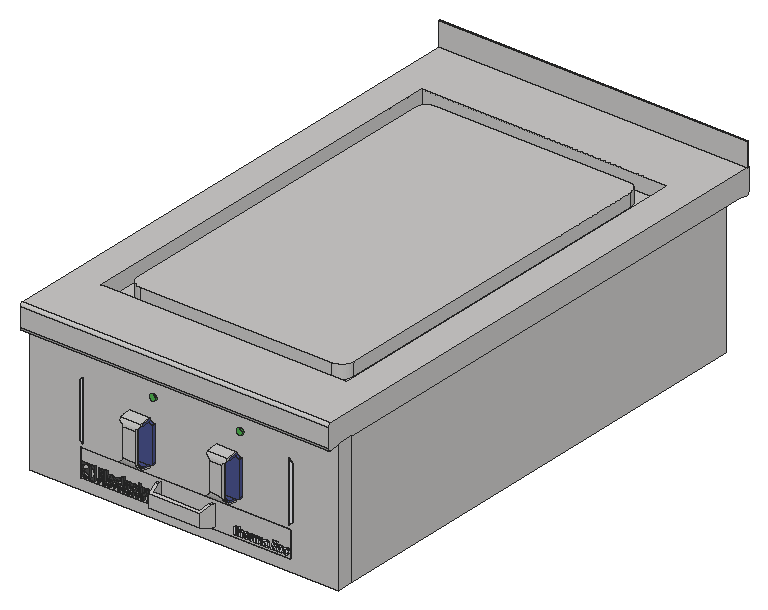
Revit family "QF_ELECTROLUXPROFESSIONAL_588501_MBLBBBEOAO", category Attrezzature speciali, Revit 2020
Family settings
  Quota connettore circolare = Usa diametro
  Tipo di parte = Normale
  Basato su piano di lavoro = No
  Sempre verticale = Sì
  Taglio con vuoti quando caricato = No
  Condiviso = No
  Punto di calcolo locali = No
Parameters (values of type "Standard")
  Weight = 73.00 kg
  Watts = 6000 W
  Volts = 400 V
  URL Manufacturer = "https://www.electroluxprofessional.com/"
  URL = "https://www.electroluxprofessional.com/"
  Steam Supply Size = 0"
  Steam Supply Minimum Pressure = 0.00 psi
  Steam Supply Maximum Pressure = 0.00 psi
  Steam Consumption per Hour = 0
  Refrigeration Suction Line Size = 0 mm
  Refrigeration Liquid Line Size = 0 mm
  Refrigerant Compressor Remote = yes
  Prospetto di default = 0 mm
  Phase = 3
  Modello = "MBLBBBEOAO"
  Produttore = "Electrolux Professional"
  Length Actual = 500 mm  # constant formula
  Item Number = "588501"
  Hot Water Size = 0"
  Height Actual = 250 mm  # constant formula
  HP = "8 HP"
  Gas Size = 0"
  Gas KW = 0
  Gas Input Pressure = 0.0 Btu/h
  Direct Waste Size = 0"
  Descrizione = "EL.SOLID TOP,2ZONE,ECO,1S,BS,500X850X250"
  Depth Actual = 850 mm  # constant formula
  Cycle = 50 Hz
  Condensate Return Size = 0"
  Compressed Air Volume = 0 GPM
  Compressed Air Size = 0"
  Compressed Air Pressure = 0.00 psi
  Cold Water Size = 0"
  Accessory = yes
Reference planes
  plane 1 "BACK": y = 0
  plane 2: z = 0
  plane 3 "LEFT": x = 0
  plane 4 "RIGHT": x = 500
  plane 5 "FRONT": y = -850
  plane 6 "TOP": z = 900
  plane 7 "Center (Left/Right)": x = 250
  plane 8: y = -425
  plane 9: y = -150
  plane 10: x = 50
  plane 11: x = 450
  plane 12: y = -100
  plane 13: y = -750
  plane 14 "EIx": x = 455
  plane 15 "EIy": y = -635
  plane 16: z = 938
  plane 17 "BaseTop": z = 650
  plane 18: y = -805
Forms (mm)
  Extrusion 1, solid, material "QF_Finishes_Stainless Steel"
    sketch origin (-178.969, -4572, 100) x (-1, 0, 0) y (0, -1, 0)
      loop
        line (-178.969, -4527) -> (-178.969, -3767) -> (-678.969, -3767) -> (-678.969, -4527) -> (-178.969, -4527)
    from 550 to 762.969
  Extrusion 2, solid, material "QF_Finishes_Stainless Steel"
    sketch origin (0, 0, 650) x (-1, 0, 0) y (0, -1, 0)
      loop
        circle (-455, 635) r 6.35
    from 0 to -11.851
  Extrusion 3, solid, material "QF_Finishes_Stainless Steel"
    sketch origin (250, 296.4, 1219.2) x (0, 1, 0) y (0, 0, 1)
      loop
        line (-296.4, -319.2) -> (-1141.4, -319.2)
        arc (-1141.4, -319.2) -> (-1144.935, -320.664) -> (-1146.4, -324.2) r 5
        line (-1146.4, -324.2) -> (-1146.4, -355.2)
        arc (-1146.4, -355.2) -> (-1144.971, -358.264) -> (-1141.705, -359.139) r 4
        line (-1141.705, -359.139) -> (-1126.4, -356.231) -> (-316.4, -356.231) -> (-301.094, -359.139)
        arc (-301.094, -359.139) -> (-297.829, -358.264) -> (-296.4, -355.2) r 4
        line (-296.4, -355.2) -> (-296.4, -319.2)
    from -250 to 250
  Extrusion 4, solid, material "QF_Finishes_Stainless Steel"
    sketch origin (0, 0, 900) x (-1, 0, 0) y (0, -1, 0)
      loop
        arc (-95, 125) -> (-80.858, 130.858) -> (-75, 145) r 20
        line (-75, 145) -> (-75, 705)
        arc (-75, 705) -> (-80.858, 719.142) -> (-95, 725) r 20
        line (-95, 725) -> (-405, 725)
        arc (-405, 725) -> (-419.142, 719.142) -> (-425, 705) r 20
        line (-425, 705) -> (-425, 145)
        arc (-425, 145) -> (-419.142, 130.858) -> (-405, 125) r 20
        line (-405, 125) -> (-95, 125)
    from 1 to -20
  Extrusion 5, void
    sketch origin (0, 0, 900) x (-1, 0, 0) y (0, -1, 0)
      loop
        line (-50, 750) -> (-450, 750) -> (-450, 100) -> (-50, 100) -> (-50, 750)
    from 0 to -25
  Extrusion 6, solid, material "QF_Finishes_Stainless Steel"
    sketch origin (250, 296.4, 1219.2) x (0, 1, 0) y (0, 0, 1)
      loop
        line (-296.4, -319.2) -> (-296.4, -281.2) -> (-298.4, -281.2) -> (-298.4, -319.2) -> (-296.4, -319.2)
    from 250 to -250
Cuts and joins
  Extrusion 5 cuts Extrusion 3
Lines and regions (mm)
  symbolic lines
    curve 1: line (0, 0, 100) -> (500, 0, 100)
    curve 2: line (0, -850, 100) -> (0, 0, 100)
    curve 3: line (500, -850, 100) -> (0, -850, 100)
    curve 4: line (500, 0, 100) -> (500, -850, 100)
    curve 5: line (50, -750, 0) -> (450, -750, 0)
    curve 6: line (450, -750, 0) -> (450, -100, 0)
    curve 7: line (450, -100, 0) -> (50, -100, 0)
    curve 8: line (50, -100, 0) -> (50, -750, 0)
    curve 9: line (0, -2, 0) -> (500, -2, 0)
Dimensions and locks
  plane 3 "LEFT" to plane 4 "RIGHT" = 500 mm
  locked: plane 5 "FRONT" to plane 1 "BACK" at 850
  equal spacing: plane 3 "LEFT", plane 7 "Center (Left/Right)", plane 4 "RIGHT"
  equal spacing: plane 5 "FRONT", plane 8, plane 1 "BACK"
  plane 6 "TOP" to level = 900 mm  (x2)
  plane 1 "BACK" to plane 9 = 150 mm
  plane 1 "BACK" to Extrusion 2 = 635 mm
  locked: plane 14 "EIx" to plane 4 "RIGHT" at 45
  locked: plane 15 "EIy" to plane 1 "BACK" at 635
  plane 16 to plane 6 "TOP" = 38 mm
  locked: plane 12 to plane 1 "BACK" at 100
  locked: plane 5 "FRONT" to plane 13 at 100
  plane 3 "LEFT" to plane 10 = 50 mm
  plane 11 to plane 4 "RIGHT" = 50 mm
  locked: plane 6 "TOP" to plane 17 "BaseTop" at 250
  locked: plane 18 to plane 5 "FRONT" at 45
  aligned and locked: level to plane 2
  aligned and locked: cut or joined group of Extrusion 3, Extrusion 5 to plane 3 "LEFT"
  aligned and locked: cut or joined group of Extrusion 3, Extrusion 5 to plane 4 "RIGHT"
  aligned and locked: Extrusion 5 sketch curve to plane 10
  aligned and locked: plane 12 to Extrusion 5 sketch curve
  aligned and locked: plane 11 to Extrusion 5 sketch curve
  aligned and locked: Extrusion 5 sketch curve to plane 13
  aligned and locked: nested 1 to plane 18
  aligned and locked: Extrusion 1 to plane 18
  aligned and locked: Extrusion 6 to plane 3 "LEFT"
  aligned and locked: Extrusion 6 to plane 4 "RIGHT"
  aligned and locked: plane 3 "LEFT" to nested 1
Automatic sketch dimensions
  Extrusion 3 sketch curve to plane 5 "FRONT" = 0 mm
  Extrusion 3 sketch curve to plane 6 "TOP" = 0 mm
  Extrusion 3 sketch curve to plane 1 "BACK" = 0 mm
  Extrusion 3 sketch curve to plane 5 "FRONT" = 4 mm
  Extrusion 3 sketch curve to Extrusion 3 sketch curve = 0.695 mm
  Extrusion 3 sketch curve to plane 5 "FRONT" = 5 mm
  Extrusion 3 sketch curve to Extrusion 3 sketch curve = 15.305 mm
  plane 1 "BACK" to Extrusion 3 sketch curve = 20 mm
  plane 1 "BACK" to Extrusion 3 sketch curve = 4.695 mm
  Extrusion 3 sketch curve to Extrusion 3 sketch curve = 4 mm
  Extrusion 3 sketch curve to Extrusion 3 sketch curve = 31 mm
  Extrusion 3 sketch curve to plane 6 "TOP" = 36 mm
  Extrusion 3 sketch curve to Extrusion 3 sketch curve = 2.909 mm
  Extrusion 1 sketch curve to plane 4 "RIGHT" = 0 mm
  Extrusion 1 sketch curve to plane 3 "LEFT" = 0 mm
  plane 1 "BACK" to Extrusion 1 sketch curve = 45 mm
  plane 1 "BACK" to curve 1 = 0 mm
  curve 1 to plane 4 "RIGHT" = 0 mm
  curve 2 to plane 3 "LEFT" = 0 mm
  plane 5 "FRONT" to curve 3 = 0 mm
  Extrusion 2 sketch curve to plane 14 "EIx" = 0 mm
  Extrusion 2 sketch curve to plane 15 "EIy" = 0 mm
  Extrusion 1 sketch curve to plane 5 "FRONT" = 45 mm
  Extrusion 6 sketch curve to plane 6 "TOP" = 0 mm
  Extrusion 6 sketch curve to plane 16 = 0 mm
  Extrusion 6 sketch curve to plane 1 "BACK" = 0 mm
  Extrusion 6 sketch curve to Extrusion 6 sketch curve = 2 mm
  curve 9 to plane 3 "LEFT" = 0 mm
  curve 5 to plane 10 = 0 mm
  curve 6 to plane 11 = 0 mm
  curve 9 to plane 4 "RIGHT" = 0 mm
  plane 13 to curve 5 = 0 mm
  plane 12 to curve 7 = 0 mm
  plane 1 "BACK" to curve 9 = 2 mm
  plane 11 to Extrusion 4 sketch curve = 25 mm
  Extrusion 4 sketch curve to Extrusion 4 sketch curve = 20 mm  (x3)
  plane 9 to Extrusion 4 sketch curve = 5 mm
  Extrusion 4 sketch curve to plane 10 = 45 mm
  Extrusion 4 sketch curve to plane 13 = 45 mm  (x2)
  radius of Extrusion 2 sketch curve = 6.35 mm
Nested families
  nested 1: "Front_Panel_W500_Two Knobs_Spie" at (52.376, -805, 0), type "Front_Panel_W500_Two Knobs_Spie"
Connectors
  electrical at (455, -635, 638.149)
    settings: on Extrusion 2, index 1, voltage 400 V, apparent load 33000 VA, apparent load phase1 0 VA, apparent load phase2 0 VA, apparent load phase3 0 VA, power factor 1, load classification "Other", number of poles 1, system type 30, power factor state 1, is connector primary yes, connector utility no, sub classification motor no, connector description "ELECTRICAL CONNECTION"
Definition of nested family "Front_Panel_W500_Two Knobs_Spie"
  Parameters
    Default Elevation = 0 mm
  Reference planes
    plane 1 "Center (Front/Back)": y = 0
    plane 2: z = 0
    plane 3 "Center (Left/Right)": x = 197.624
    plane 4 "Left": x = -52.376
    plane 5 "Right": x = 447.624
    plane 6: y = -45
    plane 7: x = 127.624
    plane 8: y = -310
    plane 9 "Panel": y = -25
  Forms (mm)
    Extrusion 1, solid
      sketch origin (833.217, 829.203, -1.25) x (0, 1, 0) y (0, 0, 1)
        loop
          line (-854.203, 651.25) -> (-829.203, 651.25) -> (-829.203, 864.25) -> (-854.203, 864.25) -> (-854.203, 651.25)
      from -885.593 to -385.593
    Extrusion 2, void
      sketch origin (0, -25, -10) x (0, 0, 1) y (-1, 0, 0)
        loop
          line (731.866, -27.624) -> (726.866, -32.624) -> (823.866, -32.624) -> (818.866, -27.624) -> (731.866, -27.624)
        loop
          line (731.866, -372.624) -> (818.866, -372.624) -> (823.866, -367.624) -> (726.866, -367.624) -> (731.866, -372.624)
      from 0 to -2
    Extrusion 3, void
      sketch origin (0, 0, 0) x (1, 0, 0) y (0, 0, 1)
        loop
          line (30.124, 711.866) -> (30.124, 666.866) -> (370.124, 666.866) -> (370.124, 711.866) -> (30.124, 711.866)
      from 19.387 to 25
    Extrusion 4, solid
      sketch origin (160, -25, 1.163) x (0, 0, 1) y (-1, 0, 0)
        loop
          circle (824.337, 12.376) r 5
      from 0 to 1.7
    Extrusion 5, solid
      sketch origin (300.724, -25, 1.163) x (0, 0, 1) y (-1, 0, 0)
        loop
          circle (824.337, 12.376) r 5
      from 0 to 1.7
    Extrusion 6, solid
      sketch origin (0, -25, -10) x (0, 0, 1) y (-1, 0, 0)
        loop
          line (731.866, -27.624) -> (726.866, -32.624) -> (823.866, -32.624) -> (818.866, -27.624) -> (731.866, -27.624)
        loop
          line (726.866, -367.624) -> (731.866, -372.624) -> (818.866, -372.624) -> (823.866, -367.624) -> (726.866, -367.624)
      from 0 to -2
    Extrusion 7, solid
      sketch origin (52.827, 0, -0.001) x (1, 0, 0) y (0, 0, 1)
        loop
          line (-21.376, 710.866) -> (-21.376, 667.866) -> (316.624, 667.866) -> (316.624, 710.866) -> (-21.376, 710.866)
      from 19.387 to 25
    Extrusion 8, solid
      sketch origin (52.827, 0, -0.001) x (1, 0, 0) y (0, 1, 0)
        loop
          line (106.059, -25) -> (100.966, -25) -> (105.646, -49.075) -> (189.603, -49.075) -> (194.283, -25) -> (189.189, -25) -> (185.481, -44.075) -> (109.767, -44.075) -> (106.059, -25)
      from 672.593 to 705.67
    Extrusion 9, void
      sketch origin (200.451, 0, -0.001) x (0, 1, 0) y (0, 0, 1)
        loop
          line (-30, 705.67) -> (-30, 710.67) -> (-56.744, 710.67) -> (-56.744, 667.593) -> (-30, 667.593) -> (-30, 672.593) -> (-53.776, 680.318) -> (-53.776, 697.945) -> (-30, 705.67)
      from -50 to 50
    Extrusion 10, solid, detail levels coarse
      sketch origin (52.827, -265, -0.001) x (1, 0, 0) y (0, 1, 0)
        loop
          line (106.164, -71.744) -> (189.084, -71.744) -> (194.283, -45) -> (316.624, -45) -> (316.624, 240) -> (-21.376, 240) -> (-21.376, -45) -> (100.966, -45) -> (106.164, -71.744)
      from 672.593 to 705.67
    Extrusion 11, void
      sketch origin (200.451, -280, -0.001) x (0, 1, 0) y (0, 0, 1)
        loop
          line (-30, 705.67) -> (-30, 710.67) -> (-56.744, 710.67) -> (-56.744, 667.593) -> (-30, 667.593) -> (-30, 672.593) -> (-53.776, 680.318) -> (-53.776, 697.945) -> (-30, 705.67)
      from -50 to 50
  Cuts and joins
    Extrusion 2, Extrusion 3 cuts Extrusion 1
    Extrusion 9 cuts Extrusion 8
    Extrusion 9, Extrusion 11 cuts Extrusion 10
  Lines and regions (mm)
    symbolic lines
      curve 1: line (31.124, -45, 0) -> (31.124, -310, 0)
      curve 2: line (31.124, -310, 0) -> (364.124, -310, 0)
      curve 3: line (135.966, -310, 0) -> (140.646, -334.075, 0)
      curve 4: line (140.646, -334.075, 0) -> (254.603, -334.075, 0)
      curve 5: line (254.603, -334.075, 0) -> (259.283, -310, 0)
      curve 6: line (364.124, -310, 0) -> (364.124, -45, 0)
      curve 7: line (31.124, -300, 0) -> (364.124, -300, 0)
      curve 8: line (140.874, -309.046, 0) -> (144.767, -329.075, 0)
      curve 9: line (144.767, -329.075, 0) -> (250.481, -329.075, 0)
      curve 10: line (250.481, -329.075, 0) -> (254.375, -309.046, 0)
  Dimensions and locks
    equal spacing: plane 5 "Right", plane 3 "Center (Left/Right)", plane 4 "Left"
    plane 5 "Right" to plane 4 "Left" = 500 mm
    plane 3 "Center (Left/Right)" to plane 7 = 70 mm
    plane 6 to plane 8 = 265 mm
    aligned and locked: cut or joined group of Extrusion 1, Extrusion 2, Extrusion 3 to plane 4 "Left"
    aligned and locked: plane 5 "Right" to cut or joined group of Extrusion 1, Extrusion 2, Extrusion 3
  Automatic sketch dimensions
    plane 6 to curve 1 = 0 mm
    curve 1 to plane 8 = 0 mm
    plane 6 to curve 6 = 0 mm
    plane 7 to curve 3 = 13.021 mm
    curve 3 to curve 8 = 4.122 mm
    curve 10 to plane 8 = 19.075 mm
    plane 3 "Center (Left/Right)" to curve 10 = 52.857 mm
    curve 5 to plane 8 = 24.075 mm
    curve 9 to curve 5 = 4.122 mm
    curve 4 to curve 2 = 109.521 mm
    plane 7 to curve 3 = 8.342 mm
    plane 8 to curve 8 = 0.954 mm
    curve 3 to curve 8 = 4.908 mm
    plane 8 to curve 10 = 0.954 mm
    curve 9 to curve 10 = 3.893 mm
    curve 10 to curve 5 = 4.908 mm
    plane 8 to curve 7 = 10 mm
    Extrusion 1 sketch curve to plane 9 "Panel" = 0 mm
    Extrusion 1 sketch curve to plane 1 "Center (Front/Back)" = 0 mm
    Extrusion 2 sketch curve to Extrusion 2 sketch curve = 5 mm  (x6)
    Extrusion 3 sketch curve to Extrusion 3 sketch curve = 45 mm
    plane 7 to Extrusion 4 sketch curve = 20 mm
    plane 3 "Center (Left/Right)" to Extrusion 5 sketch curve = 90.724 mm
    Extrusion 6 sketch curve to Extrusion 6 sketch curve = 5 mm  (x6)
    plane 4 "Left" to curve 2 = 83.5 mm
    plane 4 "Left" to Extrusion 3 sketch curve = 82.5 mm
    Extrusion 2 sketch curve to plane 5 "Right" = 80 mm
    Extrusion 3 sketch curve to plane 5 "Right" = 77.5 mm
    Extrusion 6 sketch curve to plane 5 "Right" = 80 mm
    plane 4 "Left" to Extrusion 2 sketch curve = 85 mm
    plane 4 "Left" to Extrusion 6 sketch curve = 85 mm
    level to Extrusion 1 sketch curve = 650 mm
    Extrusion 1 sketch curve to Extrusion 1 sketch curve = 213 mm
    level to Extrusion 2 sketch curve = 716.866 mm
    Extrusion 2 sketch curve to Extrusion 2 sketch curve = 0 mm
    Extrusion 2 sketch curve to Extrusion 2 sketch curve = 87 mm  (x2)
    level to Extrusion 3 sketch curve = 666.866 mm
    level to Extrusion 4 sketch curve = 825.5 mm
    level to Extrusion 5 sketch curve = 825.5 mm
    level to Extrusion 6 sketch curve = 716.866 mm
    Extrusion 6 sketch curve to Extrusion 6 sketch curve = 0 mm
    Extrusion 6 sketch curve to Extrusion 6 sketch curve = 87 mm  (x2)
    plane 4 "Left" to Extrusion 7 sketch curve = 83.827 mm
    Extrusion 7 sketch curve to plane 5 "Right" = 78.173 mm
    level to Extrusion 7 sketch curve = 667.864 mm
    Extrusion 7 sketch curve to Extrusion 7 sketch curve = 43 mm
    plane 9 "Panel" to Extrusion 8 sketch curve = 0 mm  (x2)
    plane 7 to Extrusion 8 sketch curve = 26.169 mm
    plane 6 to Extrusion 8 sketch curve = 4.075 mm
    Extrusion 8 sketch curve to Extrusion 8 sketch curve = 4.68 mm
    Extrusion 8 sketch curve to Extrusion 8 sketch curve = 5.094 mm  (x2)
    Extrusion 8 sketch curve to plane 6 = 0.925 mm
    Extrusion 8 sketch curve to Extrusion 8 sketch curve = 4.122 mm  (x2)
    plane 3 "Center (Left/Right)" to Extrusion 8 sketch curve = 40.684 mm
    Extrusion 8 sketch curve to Extrusion 8 sketch curve = 3.708 mm
    plane 6 to Extrusion 9 sketch curve = 11.744 mm
    plane 6 to Extrusion 9 sketch curve = 8.776 mm
    plane 9 "Panel" to Extrusion 9 sketch curve = 5 mm  (x2)
    level to Extrusion 9 sketch curve = 667.591 mm
    Extrusion 9 sketch curve to Extrusion 9 sketch curve = 5 mm
    Extrusion 9 sketch curve to Extrusion 9 sketch curve = 12.725 mm  (x2)
    Extrusion 9 sketch curve to Extrusion 9 sketch curve = 17.627 mm
    Extrusion 9 sketch curve to Extrusion 9 sketch curve = 7.725 mm
    plane 9 "Panel" to Extrusion 10 sketch curve = 0 mm
    Extrusion 10 sketch curve to plane 8 = 0 mm  (x2)
    plane 4 "Left" to Extrusion 10 sketch curve = 83.827 mm
    plane 7 to Extrusion 10 sketch curve = 26.169 mm
    Extrusion 10 sketch curve to Extrusion 10 sketch curve = 5.199 mm  (x2)
    plane 3 "Center (Left/Right)" to Extrusion 10 sketch curve = 44.287 mm
    Extrusion 10 sketch curve to plane 5 "Right" = 78.173 mm
    Extrusion 10 sketch curve to plane 8 = 26.744 mm
    Extrusion 11 sketch curve to plane 8 = 0 mm  (x2)
    Extrusion 11 sketch curve to plane 8 = 23.776 mm
    Extrusion 11 sketch curve to Extrusion 11 sketch curve = 2.968 mm
    level to Extrusion 11 sketch curve = 667.591 mm
    Extrusion 11 sketch curve to Extrusion 11 sketch curve = 5 mm
    Extrusion 11 sketch curve to Extrusion 11 sketch curve = 12.725 mm  (x2)
    Extrusion 11 sketch curve to Extrusion 11 sketch curve = 17.627 mm
    Extrusion 11 sketch curve to Extrusion 11 sketch curve = 7.725 mm
    radius of Extrusion 4 sketch curve = 5 mm
    radius of Extrusion 5 sketch curve = 5 mm
  Nested families
    nested 1: "Range Control Handle" at (127.624, -28.137, -209.113) x (-1, 0, 0) z (0, 0, 1), type "Range Control Handle"
    nested 2: "Range Control Handle" at (267.624, -28.137, -209.113), type "Range Control Handle"
    nested 3: "ELX_ThermaLine_Small" at (319.139, -25, 679.341) x (1, 0, 0) z (0, -1, 0), type "ELX_ThermaLine_Small"
      with Show Logo yes, Material_Logo none
    nested 4: "ELX_Professional_Logo_Small" at (91.781, -25, 681.573) x (1, 0, 0) z (0, -1, 0), type "ELX_Professional_Logo_Small"
      with Show Logo yes, Material_Logo none
  Definition of nested family "Range Control Handle"
    Parameters
      Default Elevation = 0 mm
    Reference planes
      plane 1 "Center (Front/Back)": y = 0
      plane 2: z = 0
      plane 3 "Center (Left/Right)": x = 0
      plane 4: z = 971.092
      plane 5: y = -16.9
    Forms (mm)
      Extrusion 1, solid
        sketch origin (-746.28, 380.497, 208.931) x (-1, 0, 0) y (0, 0, 1)
          loop
            line (-770.101, 786.798) -> (-770.101, 731.649)
            arc (-770.101, 731.649) -> (-769.759, 730.563) -> (-768.855, 729.87) r 1.893
            line (-768.855, 729.87) -> (-763.474, 727.911) -> (-729.81, 727.911) -> (-724.428, 729.87)
            arc (-724.428, 729.87) -> (-723.525, 730.563) -> (-723.183, 731.649) r 1.893
            line (-723.183, 731.649) -> (-723.183, 786.798)
            arc (-723.183, 786.798) -> (-723.529, 787.894) -> (-724.44, 788.593) r 1.91
            line (-724.44, 788.593) -> (-729.683, 790.819) -> (-763.601, 790.819) -> (-768.844, 788.593)
            arc (-768.844, 788.593) -> (-769.755, 787.894) -> (-770.101, 786.798) r 1.91
        from -382.35 to -378.852
      Sweep 2, solid
        path origin (-746.788, 380.496, 208.091) x (0, -1, 0) y (0, 0, 1)
          loop
            line (379.775, 793.281) -> (395.661, 791.048)
            arc (395.661, 791.048) -> (397.781, 787.377) -> (398.517, 783.202) r 12.207
            line (398.517, 783.202) -> (398.517, 737.368)
            arc (398.517, 737.368) -> (397.781, 733.193) -> (395.661, 729.522) r 12.207
            line (395.661, 729.522) -> (379.775, 727.289)
        profile origin (-746.788, -7.222, 1000.256) x (0, -0.139173, 0.990268) y (-1, 0, 0)
          loop
            line (0.782, -763.123) -> (0.782, -730.907) -> (-1.322, -730.907) -> (-1.322, -763.123) -> (0.782, -763.123)
      Sweep 3, solid
        path origin (-746.788, 380.715, 207.832) x (0, -1, 0) y (0, 0, 1)
          loop
            line (380.478, 795.442) -> (397.218, 793.09)
            arc (397.218, 793.09) -> (399.929, 788.473) -> (400.871, 783.202) r 15.207
            line (400.871, 783.202) -> (400.871, 737.584)
            arc (400.871, 737.584) -> (399.914, 732.274) -> (397.164, 727.633) r 15.207
            line (397.164, 727.633) -> (380.601, 725.305)
        profile origin (-746.788, -8.132, 1002.099) x (0, -0.139173, 0.990268) y (-1, 0, 0)
          loop
            line (0.782, -763.123) -> (0.782, -730.907) -> (-1.322, -730.907) -> (-1.322, -763.123) -> (0.782, -763.123)
      Extrusion 4, void
        sketch origin (889.253, 220.666, 207.993) x (1, 0, 0) y (0, 0, 1)
          loop
            line (-943.038, 816.854) -> (-943.038, 703.686) -> (-899.466, 734.196) -> (-899.466, 786.344) -> (-943.038, 816.854)
        from 230.636 to 242.25
      Extrusion 5, void
        sketch origin (-888.8, 220.666, 207.993) x (-1, 0, 0) y (0, 0, -1)
          loop
            line (-943.038, -816.854) -> (-899.466, -786.344) -> (-899.466, -734.196) -> (-943.038, -703.686) -> (-943.038, -816.854)
        from 230.636 to 242.25
      Extrusion 6, solid
        sketch origin (0, 0, 0) x (1, 0, 0) y (0, 0, 1)
          loop
            circle (0, 971.092) r 7.736
        from -3.137 to -1.645
    Cuts and joins
      Extrusion 4, Extrusion 5 cuts Sweep 3
      Extrusion 4, Extrusion 5 cuts Sweep 2
      joined: Extrusion 1, Extrusion 6
    Lines and regions (mm)
      symbolic lines
        curve 1: line (16.334, -16.9, 0) -> (16.334, -19.227, 0)
        curve 2: spline (16.334, -19.227, 0) -> (15.87, -19.385, 0) -> (15.404, -19.536, 0) -> (14.936, -19.678, 0) -> (14.466, -19.813, 0) -> (13.995, -19.94, 0) -> (13.523, -20.059, 0) -> (13.049, -20.171, 0) -> (12.575, -20.274, 0) -> (12.099, -20.37, 0) -> (11.622, -20.458, 0) -> (11.144, -20.537, 0) -> (10.666, -20.609, 0)
        curve 3: line (10.666, -16.9, 0) -> (10.666, -20.938, 0)
        curve 4: line (-10.213, -20.938, 0) -> (10.666, -20.938, 0)
        curve 5: line (-10.213, -20.938, 0) -> (-10.213, -16.9, 0)
        curve 6: spline (-10.213, -20.609, 0) -> (-10.691, -20.537, 0) -> (-11.169, -20.458, 0) -> (-11.646, -20.37, 0) -> (-12.122, -20.274, 0) -> (-12.597, -20.171, 0) -> (-13.07, -20.059, 0) -> (-13.542, -19.94, 0) -> (-14.013, -19.813, 0) -> (-14.483, -19.678, 0) -> (-14.951, -19.536, 0) -> (-15.417, -19.385, 0) -> (-15.881, -19.227, 0)
        curve 7: line (-15.881, -19.227, 0) -> (-15.881, -16.9, 0)
  Definition of nested family "ELX_ThermaLine_Small"
    Parameters
      Show Logo [instance] = yes
      Material_Logo [instance] = none
      Default Elevation = 0 mm
    Reference planes
      plane 1 "Centro (Fronte/Retro)": y = 0
      plane 2: z = 0
      plane 3 "Centro (Sinistra/Destra)": x = 0
    Forms (mm)
      Extrusion 1, solid
        sketch origin (0, 0, 0) x (1, 0, 0) y (0, 1, 0)
          loop
            line (-1219.2, 1219.2) -> (-1219.2, -1219.2) -> (1219.2, -1219.2) -> (1219.2, 1219.2) -> (-1219.2, 1219.2)
        from 0 to -304.8
      Extrusion 2, solid
        sketch origin (0, 0, 0) x (1, 0, 0) y (0, 1, 0)
          loop
            line (-37.494, 1.229) -> (-35.908, 1.229) -> (-35.908, 3.066) -> (-37.494, 3.066) -> (-37.494, 6.221) -> (-39.867, 4.881) -> (-39.867, 3.066) -> (-40.969, 3.066) -> (-40.969, 1.229) -> (-39.867, 1.229) -> (-39.867, -3.407)
            arc (-39.867, -3.407) -> (-38.982, -5.513) -> (-36.751, -6.001) r 2.478
            line (-36.751, -6.001) -> (-35.638, -5.7) -> (-35.9, -3.835) -> (-36.661, -4.039)
            arc (-36.661, -4.039) -> (-37.236, -3.924) -> (-37.494, -3.399) r 0.662
            line (-37.494, -3.399) -> (-37.494, 1.229)
          loop
            line (-34.242, 6.539) -> (-34.242, -5.848) -> (-31.854, -5.848) -> (-31.854, -0.078)
            arc (-31.854, -0.078) -> (-30.939, 1.249) -> (-29.33, 1.367) r 1.866
            arc (-29.33, 1.367) -> (-28.695, 0.768) -> (-28.461, -0.073) r 1.627
            line (-28.461, -0.073) -> (-28.461, -5.848) -> (-26.086, -5.848) -> (-26.064, -0.46)
            arc (-26.064, -0.46) -> (-26.261, 0.932) -> (-26.786, 2.237) r 5.825
            arc (-26.786, 2.237) -> (-29.381, 3.264) -> (-31.854, 1.971) r 3.353
            line (-31.854, 1.971) -> (-31.854, 6.539) -> (-34.242, 6.539)
          loop
            arc (-18.398, -0.598) -> (-18.893, 0.879) -> (-20.326, 1.487) r 1.897
            arc (-20.326, 1.487) -> (-21.461, 0.708) -> (-21.897, -0.598) r 2.164
            line (-21.897, -0.598) -> (-18.398, -0.598)
          loop
            arc (-16.021, -2.044) -> (-16.754, 1.227) -> (-19.444, 3.226) r 4.814
            arc (-19.444, 3.226) -> (-22.137, 2.788) -> (-23.943, 0.743) r 4.054
            arc (-23.943, 0.743) -> (-24.382, -1.249) -> (-24.162, -3.276) r 6.289
            arc (-24.162, -3.276) -> (-23.302, -4.71) -> (-21.958, -5.705) r 4.28
            arc (-21.958, -5.705) -> (-18.558, -5.814) -> (-16.152, -3.409) r 4.28
            line (-16.152, -3.409) -> (-18.5, -2.995)
            arc (-18.5, -2.995) -> (-19.273, -3.994) -> (-20.533, -4.076) r 1.536
            arc (-20.533, -4.076) -> (-21.56, -3.281) -> (-21.958, -2.044) r 2.197
            line (-21.958, -2.044) -> (-16.021, -2.044)
          loop
            line (-14.165, -5.848) -> (-11.819, -5.848) -> (-11.819, -2.138)
            arc (-11.819, -2.138) -> (-11.787, -1.156) -> (-11.637, -0.185) r 8.18
            arc (-11.637, -0.185) -> (-10.644, 0.972) -> (-9.132, 0.776) r 1.603
            line (-9.132, 0.776) -> (-8.419, 2.846)
            arc (-8.419, 2.846) -> (-10.432, 3.118) -> (-11.994, 1.821) r 2.527
            line (-11.994, 1.821) -> (-11.994, 3.094) -> (-14.165, 3.094) -> (-14.165, -5.848)
          loop
            line (-7.579, 3.094) -> (-7.579, -5.848) -> (-5.178, -5.848) -> (-5.178, -0.756)
            arc (-5.178, -0.756) -> (-4.727, 0.679) -> (-3.417, 1.419) r 2.05
            arc (-3.417, 1.419) -> (-2.499, 0.908) -> (-2.155, -0.085) r 1.471
            line (-2.155, -0.085) -> (-2.155, -5.848) -> (0.23, -5.848) -> (0.23, -1.001)
            arc (0.23, -1.001) -> (0.47, 0.127) -> (1.148, 1.061) r 2.775
            arc (1.148, 1.061) -> (2.225, 1.329) -> (3.05, 0.587) r 1.182
            arc (3.05, 0.587) -> (3.199, -0.019) -> (3.214, -0.642) r 2.894
            line (3.214, -0.642) -> (3.214, -5.848) -> (5.601, -5.848) -> (5.601, 0.261)
            arc (5.601, 0.261) -> (4.87, 2.263) -> (2.976, 3.241) r 2.932
            arc (2.976, 3.241) -> (1.284, 2.973) -> (-0.047, 1.896) r 3.309
            arc (-0.047, 1.896) -> (-1.116, 2.865) -> (-2.506, 3.258) r 3.16
            arc (-2.506, 3.258) -> (-4.105, 2.942) -> (-5.376, 1.92) r 3.419
            line (-5.376, 1.92) -> (-5.376, 3.094) -> (-7.579, 3.094)
          loop
            line (7.583, 0.738) -> (9.702, 0.364)
            arc (9.702, 0.364) -> (11.441, 1.492) -> (12.855, -0.023) r 1.613
            line (12.855, -0.023) -> (9.782, -0.789)
            arc (9.782, -0.789) -> (8.559, -1.346) -> (7.617, -2.305) r 3.687
            arc (7.617, -2.305) -> (7.499, -3.681) -> (7.901, -5.003) r 3.651
            arc (7.901, -5.003) -> (9.107, -5.766) -> (10.515, -6.006) r 3.635
            arc (10.515, -6.006) -> (11.898, -5.697) -> (13.067, -4.895) r 3.734
            line (13.067, -4.895) -> (13.376, -5.848) -> (15.75, -5.848) -> (15.212, -4.193) -> (15.212, 0.38)
            arc (15.212, 0.38) -> (14.897, 1.849) -> (13.818, 2.895) r 2.585
            arc (13.818, 2.895) -> (11.792, 3.442) -> (9.719, 3.11) r 5.005
            arc (9.719, 3.11) -> (8.369, 2.178) -> (7.583, 0.738) r 3.54
          loop
            line (19.723, -5.848) -> (22.233, -5.848) -> (24.854, 6.484) -> (22.345, 6.484) -> (19.723, -5.848)
          loop
            line (24.583, -5.848) -> (26.953, -5.848) -> (28.848, 3.066) -> (26.478, 3.066) -> (24.583, -5.848)
          loop
            line (27.204, 6.484) -> (26.741, 4.305) -> (29.111, 4.305) -> (29.575, 6.484) -> (27.204, 6.484)
          loop
            line (29.355, -5.848) -> (31.849, -5.848) -> (33.098, 0.028)
            arc (33.098, 0.028) -> (34.169, 1.306) -> (35.832, 1.422) r 2.132
            arc (35.832, 1.422) -> (36.324, 0.752) -> (36.383, -0.078) r 1.5
            line (36.383, -0.078) -> (35.157, -5.848) -> (37.536, -5.848) -> (38.936, 0.738)
            arc (38.936, 0.738) -> (38.775, 2.091) -> (37.825, 3.066) r 2.118
            arc (37.825, 3.066) -> (35.392, 3.175) -> (33.295, 1.937) r 4.271
            line (33.295, 1.937) -> (33.535, 3.066) -> (31.25, 3.066) -> (29.355, -5.848)
          loop
            line (42.792, -0.64) -> (46.589, -0.64)
            arc (46.589, -0.64) -> (46.639, 0.124) -> (46.327, 0.823) r 1.589
            arc (46.327, 0.823) -> (45.117, 1.521) -> (43.762, 1.183) r 1.865
            arc (43.762, 1.183) -> (43.141, 0.344) -> (42.792, -0.64) r 3.538
          loop
            line (42.565, -2.138) -> (48.593, -2.138)
            arc (48.593, -2.138) -> (48.58, 0.597) -> (46.983, 2.818) r 4.494
            arc (46.983, 2.818) -> (44.191, 3.28) -> (41.725, 1.891) r 4.26
            arc (41.725, 1.891) -> (40.503, -0.3) -> (40.284, -2.799) r 6.003
            arc (40.284, -2.799) -> (40.959, -4.468) -> (42.377, -5.576) r 3.482
            arc (42.377, -5.576) -> (44.265, -5.961) -> (46.152, -5.576) r 4.823
            arc (46.152, -5.576) -> (47.432, -4.731) -> (48.328, -3.485) r 4.245
            line (48.328, -3.485) -> (46.168, -3.105)
            arc (46.168, -3.105) -> (45.214, -4.072) -> (43.859, -4.181) r 1.953
            arc (43.859, -4.181) -> (42.821, -3.408) -> (42.565, -2.138) r 1.81
          loop
            line (12.868, -1.553) -> (10.216, -2.214)
            arc (10.216, -2.214) -> (9.747, -3.136) -> (10.216, -4.058) r 1.14
            arc (10.216, -4.058) -> (11.537, -4.249) -> (12.614, -3.46) r 1.763
            arc (12.614, -3.46) -> (12.858, -2.522) -> (12.868, -1.553) r 3.97
        from 0 to 1.6
    Dimensions and locks
      aligned and locked: plane 2 to Extrusion 1
      aligned and locked: level to Extrusion 1
  Definition of nested family "ELX_Professional_Logo_Small"
    Parameters
      Show Logo [instance] = yes
      Material_Logo [instance] = none
      Default Elevation = 0 mm
    Reference planes
      plane 1 "Centro (Fronte/Retro)": y = 0
      plane 2: z = 0
      plane 3 "Centro (Sinistra/Destra)": x = 0
    Forms (mm)
      Extrusion 1, solid
        sketch origin (0, 0, 0) x (1, 0, 0) y (0, 1, 0)
          loop
            line (-1219.2, 1219.2) -> (-1219.2, -1219.2) -> (1219.2, -1219.2) -> (1219.2, 1219.2) -> (-1219.2, 1219.2)
        from 0 to -304.8
      Extrusion 2, solid, material <- "Material_Logo"
        sketch origin (15.5, 0, 0) x (1, 0, 0) y (0, 1, 0)
          loop
            spline (-42.99, -1.24) -> (-43.195, -1.231) -> (-43.415, -1.203) -> (-43.642, -1.152) -> (-43.87, -1.074) -> (-44.095, -0.966) -> (-44.309, -0.825) -> (-44.506, -0.647) -> (-44.681, -0.429) -> (-44.828, -0.167) -> (-44.94, 0.142) -> (-45.011, 0.501) -> (-45.037, 0.915)
            line (-45.037, 0.915) -> (-45.037, 2.748) -> (-38.984, 2.748) -> (-38.984, 5.086) -> (-45.038, 5.086) -> (-45.038, 8.489) -> (-38.599, 8.489) -> (-38.599, 10.82) -> (-47.515, 10.82) -> (-47.515, 1.021)
            spline (-47.515, 1.021) -> (-47.493, 0.418) -> (-47.425, -0.15) -> (-47.311, -0.682) -> (-47.15, -1.175) -> (-46.939, -1.628) -> (-46.678, -2.038) -> (-46.365, -2.404) -> (-46, -2.723) -> (-45.58, -2.995) -> (-45.105, -3.216) -> (-44.573, -3.385) -> (-43.983, -3.499)
            line (-43.983, -3.499) -> (-43.01, -3.569) -> (-38.426, -3.569) -> (-38.426, -1.24) -> (-42.99, -1.24)
          loop
            line (-36.666, 4.021) -> (-36.666, -3.573) -> (-34.188, -3.573) -> (-34.188, 10.824) -> (-36.666, 10.824) -> (-36.666, 4.021)
          loop
            spline (-21.915, 1.897) -> (-21.957, 2.615) -> (-22.082, 3.303) -> (-22.285, 3.955) -> (-22.563, 4.564) -> (-22.913, 5.124) -> (-23.331, 5.629) -> (-23.814, 6.074) -> (-24.359, 6.451) -> (-24.961, 6.755) -> (-25.618, 6.98) -> (-26.326, 7.119) -> (-27.081, 7.167)
            spline (-27.081, 7.167) -> (-27.853, 7.122) -> (-28.586, 6.99) -> (-29.275, 6.774) -> (-29.915, 6.478) -> (-30.5, 6.104) -> (-31.024, 5.657) -> (-31.483, 5.138) -> (-31.871, 4.553) -> (-32.182, 3.904) -> (-32.411, 3.194) -> (-32.552, 2.427) -> (-32.6, 1.606)
            spline (-32.6, 1.606) -> (-32.553, 0.805) -> (-32.416, 0.057) -> (-32.193, -0.637) -> (-31.887, -1.271) -> (-31.504, -1.843) -> (-31.048, -2.35) -> (-30.523, -2.788) -> (-29.934, -3.154) -> (-29.284, -3.444) -> (-28.579, -3.656) -> (-27.822, -3.785) -> (-27.019, -3.829)
            spline (-27.019, -3.829) -> (-26.627, -3.82) -> (-26.239, -3.79) -> (-25.856, -3.739) -> (-25.477, -3.663) -> (-25.103, -3.562) -> (-24.734, -3.432) -> (-24.369, -3.273) -> (-24.01, -3.082) -> (-23.655, -2.858) -> (-23.305, -2.597) -> (-22.96, -2.299) -> (-22.621, -1.962)
            line (-22.621, -1.962) -> (-24.114, -0.509)
            spline (-24.114, -0.509) -> (-24.311, -0.699) -> (-24.509, -0.872) -> (-24.71, -1.03) -> (-24.915, -1.172) -> (-25.126, -1.297) -> (-25.346, -1.407) -> (-25.576, -1.5) -> (-25.817, -1.576) -> (-26.072, -1.636) -> (-26.342, -1.678) -> (-26.629, -1.704) -> (-26.936, -1.713)
            spline (-26.936, -1.713) -> (-27.384, -1.691) -> (-27.805, -1.625) -> (-28.196, -1.518) -> (-28.556, -1.372) -> (-28.882, -1.187) -> (-29.174, -0.966) -> (-29.429, -0.71) -> (-29.645, -0.422) -> (-29.821, -0.102) -> (-29.955, 0.247) -> (-30.045, 0.623) -> (-30.089, 1.026)
            line (-30.089, 1.026) -> (-21.956, 1.026) -> (-21.915, 1.897)
          loop
            spline (-24.446, 2.769) -> (-24.47, 3.075) -> (-24.54, 3.37) -> (-24.654, 3.65) -> (-24.807, 3.913) -> (-24.996, 4.156) -> (-25.219, 4.376) -> (-25.472, 4.57) -> (-25.753, 4.736) -> (-26.057, 4.869) -> (-26.382, 4.968) -> (-26.724, 5.03) -> (-27.081, 5.051)
            spline (-27.081, 5.051) -> (-27.464, 5.03) -> (-27.832, 4.97) -> (-28.183, 4.872) -> (-28.513, 4.74) -> (-28.819, 4.577) -> (-29.099, 4.384) -> (-29.347, 4.165) -> (-29.563, 3.923) -> (-29.742, 3.659) -> (-29.881, 3.377) -> (-29.977, 3.079) -> (-30.027, 2.769)
            line (-30.027, 2.769) -> (-24.446, 2.769)
          loop
            spline (-18.167, 1.669) -> (-18.138, 2.13) -> (-18.055, 2.567) -> (-17.921, 2.978) -> (-17.739, 3.358) -> (-17.512, 3.705) -> (-17.243, 4.016) -> (-16.937, 4.287) -> (-16.596, 4.517) -> (-16.223, 4.7) -> (-15.823, 4.835) -> (-15.398, 4.919) -> (-14.951, 4.947)
            spline (-14.951, 4.947) -> (-14.677, 4.938) -> (-14.414, 4.913) -> (-14.162, 4.871) -> (-13.921, 4.812) -> (-13.69, 4.738) -> (-13.467, 4.649) -> (-13.254, 4.544) -> (-13.048, 4.424) -> (-12.85, 4.291) -> (-12.659, 4.143) -> (-12.474, 3.981) -> (-12.295, 3.806)
            line (-12.295, 3.806) -> (-10.76, 5.403)
            spline (-10.76, 5.403) -> (-11.065, 5.709) -> (-11.38, 5.984) -> (-11.703, 6.228) -> (-12.035, 6.443) -> (-12.375, 6.63) -> (-12.723, 6.788) -> (-13.078, 6.92) -> (-13.44, 7.026) -> (-13.809, 7.107) -> (-14.184, 7.164) -> (-14.564, 7.198) -> (-14.951, 7.209)
            spline (-14.951, 7.209) -> (-15.725, 7.161) -> (-16.467, 7.02) -> (-17.169, 6.792) -> (-17.826, 6.482) -> (-18.43, 6.096) -> (-18.976, 5.637) -> (-19.455, 5.112) -> (-19.862, 4.525) -> (-20.19, 3.882) -> (-20.433, 3.189) -> (-20.584, 2.449) -> (-20.635, 1.669)
            spline (-20.635, 1.669) -> (-20.584, 0.889) -> (-20.433, 0.149) -> (-20.19, -0.545) -> (-19.862, -1.187) -> (-19.455, -1.774) -> (-18.976, -2.299) -> (-18.43, -2.758) -> (-17.826, -3.145) -> (-17.169, -3.454) -> (-16.467, -3.682) -> (-15.725, -3.823) -> (-14.951, -3.871)
            spline (-14.951, -3.871) -> (-14.564, -3.86) -> (-14.184, -3.826) -> (-13.809, -3.77) -> (-13.44, -3.689) -> (-13.078, -3.583) -> (-12.723, -3.451) -> (-12.375, -3.292) -> (-12.035, -3.105) -> (-11.703, -2.89) -> (-11.38, -2.646) -> (-11.065, -2.371) -> (-10.76, -2.066)
            line (-10.76, -2.066) -> (-12.295, -0.468)
            spline (-12.295, -0.468) -> (-12.474, -0.643) -> (-12.659, -0.805) -> (-12.85, -0.953) -> (-13.048, -1.087) -> (-13.254, -1.206) -> (-13.467, -1.311) -> (-13.69, -1.4) -> (-13.921, -1.475) -> (-14.162, -1.533) -> (-14.414, -1.575) -> (-14.677, -1.6) -> (-14.951, -1.609)
            spline (-14.951, -1.609) -> (-15.398, -1.581) -> (-15.823, -1.497) -> (-16.223, -1.362) -> (-16.596, -1.179) -> (-16.937, -0.95) -> (-17.243, -0.678) -> (-17.512, -0.367) -> (-17.739, -0.02) -> (-17.921, 0.36) -> (-18.055, 0.771) -> (-18.138, 1.208) -> (-18.167, 1.669)
          loop
            spline (-4.441, -1.243) -> (-4.659, -1.247) -> (-4.894, -1.23) -> (-5.137, -1.19) -> (-5.384, -1.121) -> (-5.628, -1.021) -> (-5.864, -0.884) -> (-6.084, -0.708) -> (-6.283, -0.488) -> (-6.454, -0.219) -> (-6.592, 0.101) -> (-6.69, 0.478) -> (-6.742, 0.914)
            line (-6.742, 0.914) -> (-6.742, 4.587) -> (-4.487, 4.587) -> (-4.487, 6.838) -> (-6.738, 6.838) -> (-6.738, 10.824) -> (-9.217, 10.824) -> (-9.217, 0.773)
            spline (-9.217, 0.773) -> (-9.164, 0.19) -> (-9.068, -0.358) -> (-8.928, -0.87) -> (-8.742, -1.343) -> (-8.511, -1.777) -> (-8.232, -2.168) -> (-7.904, -2.515) -> (-7.527, -2.816) -> (-7.098, -3.069) -> (-6.618, -3.273) -> (-6.084, -3.426) -> (-5.496, -3.525)
            line (-5.496, -3.525) -> (-4.45, -3.573) -> (-4.441, -1.243)
          loop
            spline (3.898, 6.983) -> (3.469, 7.009) -> (3.056, 7.001) -> (2.661, 6.961) -> (2.283, 6.888) -> (1.925, 6.785) -> (1.588, 6.652) -> (1.272, 6.49) -> (0.979, 6.301) -> (0.71, 6.085) -> (0.465, 5.844) -> (0.247, 5.578) -> (0.056, 5.289)
            line (0.056, 5.289) -> (0.056, 6.838) -> (-2.402, 6.838) -> (-2.402, -3.572) -> (0.056, -3.572) -> (0.056, 1.901)
            spline (0.056, 1.901) -> (0.079, 2.316) -> (0.145, 2.703) -> (0.254, 3.06) -> (0.404, 3.386) -> (0.592, 3.679) -> (0.818, 3.938) -> (1.08, 4.162) -> (1.375, 4.348) -> (1.703, 4.495) -> (2.062, 4.602) -> (2.45, 4.668) -> (2.865, 4.69)
            line (2.865, 4.69) -> (3.898, 4.586) -> (3.898, 6.983)
          loop
            spline (15.638, 1.633) -> (15.586, 2.396) -> (15.435, 3.124) -> (15.192, 3.81) -> (14.863, 4.449) -> (14.455, 5.034) -> (13.975, 5.56) -> (13.43, 6.021) -> (12.826, 6.411) -> (12.17, 6.724) -> (11.469, 6.955) -> (10.729, 7.098) -> (9.958, 7.147)
            spline (9.958, 7.147) -> (9.182, 7.098) -> (8.44, 6.955) -> (7.737, 6.724) -> (7.081, 6.411) -> (6.477, 6.021) -> (5.933, 5.56) -> (5.454, 5.034) -> (5.048, 4.449) -> (4.721, 3.81) -> (4.479, 3.124) -> (4.329, 2.396) -> (4.277, 1.633)
            spline (4.277, 1.633) -> (4.329, 0.869) -> (4.479, 0.141) -> (4.721, -0.544) -> (5.048, -1.183) -> (5.454, -1.768) -> (5.933, -2.294) -> (6.477, -2.755) -> (7.081, -3.145) -> (7.737, -3.459) -> (8.44, -3.69) -> (9.182, -3.833) -> (9.958, -3.882)
            spline (9.958, -3.882) -> (10.729, -3.833) -> (11.469, -3.69) -> (12.17, -3.459) -> (12.826, -3.145) -> (13.43, -2.755) -> (13.975, -2.294) -> (14.455, -1.768) -> (14.863, -1.183) -> (15.192, -0.544) -> (15.435, 0.141) -> (15.586, 0.869) -> (15.638, 1.633)
          loop
            spline (13.18, 1.633) -> (13.151, 2.083) -> (13.067, 2.513) -> (12.932, 2.918) -> (12.748, 3.296) -> (12.52, 3.642) -> (12.251, 3.954) -> (11.943, 4.227) -> (11.601, 4.459) -> (11.228, 4.645) -> (10.828, 4.782) -> (10.403, 4.867) -> (9.958, 4.896)
            spline (9.958, 4.896) -> (9.509, 4.867) -> (9.081, 4.782) -> (8.679, 4.645) -> (8.306, 4.459) -> (7.964, 4.227) -> (7.658, 3.954) -> (7.39, 3.642) -> (7.163, 3.296) -> (6.981, 2.918) -> (6.847, 2.513) -> (6.765, 2.083) -> (6.736, 1.633)
            spline (6.736, 1.633) -> (6.765, 1.182) -> (6.847, 0.753) -> (6.981, 0.347) -> (7.163, -0.031) -> (7.39, -0.377) -> (7.658, -0.689) -> (7.964, -0.962) -> (8.306, -1.193) -> (8.679, -1.38) -> (9.081, -1.517) -> (9.509, -1.602) -> (9.958, -1.631)
            spline (9.958, -1.631) -> (10.403, -1.602) -> (10.828, -1.517) -> (11.228, -1.38) -> (11.601, -1.193) -> (11.943, -0.962) -> (12.251, -0.689) -> (12.52, -0.377) -> (12.748, -0.031) -> (12.932, 0.347) -> (13.067, 0.753) -> (13.151, 1.182) -> (13.18, 1.633)
          loop
            line (17.162, 4.269) -> (17.162, -3.573) -> (19.642, -3.573) -> (19.642, 10.824) -> (17.162, 10.824) -> (17.162, 4.269)
          loop
            line (28.581, 6.838) -> (28.581, 0.786)
            spline (28.581, 0.786) -> (28.561, 0.393) -> (28.503, 0.038) -> (28.409, -0.279) -> (28.281, -0.559) -> (28.122, -0.802) -> (27.933, -1.011) -> (27.717, -1.185) -> (27.476, -1.325) -> (27.213, -1.433) -> (26.929, -1.509) -> (26.626, -1.554) -> (26.308, -1.569)
            spline (26.308, -1.569) -> (25.99, -1.554) -> (25.688, -1.509) -> (25.404, -1.434) -> (25.141, -1.326) -> (24.9, -1.187) -> (24.684, -1.014) -> (24.496, -0.807) -> (24.336, -0.565) -> (24.209, -0.288) -> (24.115, 0.026) -> (24.057, 0.376) -> (24.037, 0.765)
            line (24.037, 0.765) -> (24.037, 6.838) -> (21.537, 6.838) -> (21.537, 0.558)
            spline (21.537, 0.558) -> (21.581, -0.153) -> (21.71, -0.8) -> (21.916, -1.384) -> (22.195, -1.904) -> (22.54, -2.362) -> (22.944, -2.757) -> (23.403, -3.09) -> (23.909, -3.362) -> (24.456, -3.572) -> (25.04, -3.722) -> (25.652, -3.811) -> (26.288, -3.841)
            spline (26.288, -3.841) -> (26.929, -3.811) -> (27.547, -3.72) -> (28.135, -3.568) -> (28.687, -3.355) -> (29.197, -3.079) -> (29.66, -2.741) -> (30.068, -2.341) -> (30.415, -1.877) -> (30.696, -1.349) -> (30.905, -0.757) -> (31.034, -0.101) -> (31.079, 0.621)
            line (31.079, 0.621) -> (31.079, 6.838) -> (28.581, 6.838)
          loop
            line (40.457, -0.243) -> (38.894, 1.942) -> (40.83, 4.579) -> (42.488, 6.837) -> (39.782, 6.837) -> (37.53, 3.719) -> (35.258, 6.837) -> (32.573, 6.837) -> (34.113, 4.731) -> (36.167, 1.922) -> (34.014, -1.076) -> (32.222, -3.573) -> (34.887, -3.573) -> (37.53, 0.104) -> (40.174, -3.573) -> (42.839, -3.573) -> (40.457, -0.243)
          loop
            line (-46.121, -5.837) -> (-48.039, -5.837) -> (-48.039, -10.814) -> (-47.016, -10.814) -> (-47.016, -9.128) -> (-46.121, -9.128)
            arc (-46.121, -9.128) -> (-44.476, -7.482) -> (-46.121, -5.837) r 1.645
          loop
            line (-46.163, -6.778) -> (-47.016, -6.778) -> (-47.016, -8.187) -> (-46.163, -8.187)
            arc (-46.163, -8.187) -> (-45.458, -7.482) -> (-46.163, -6.778) r 0.704
          loop
            line (-38.313, -5.837) -> (-40.265, -5.837) -> (-40.265, -10.814) -> (-39.241, -10.814) -> (-39.241, -9.1) -> (-38.46, -9.182) -> (-37.48, -10.814) -> (-36.318, -10.814) -> (-37.513, -8.848)
            arc (-37.513, -8.848) -> (-36.888, -8.266) -> (-36.671, -7.441) r 1.536
            arc (-36.671, -7.441) -> (-37.165, -6.305) -> (-38.313, -5.837) r 1.643
          loop
            arc (-38.402, -8.166) -> (-37.707, -7.505) -> (-38.334, -6.778) r 0.696
            line (-38.334, -6.778) -> (-39.241, -6.778) -> (-39.241, -8.166) -> (-38.402, -8.166)
          loop
            circle (-29.965, -8.325) r 2.585
          loop
            circle (-29.965, -8.325) r 1.64
          loop
            line (-23.1, -5.837) -> (-23.1, -10.814) -> (-22.076, -10.814) -> (-22.076, -8.768) -> (-20.204, -8.768) -> (-20.204, -7.828) -> (-22.076, -7.828) -> (-22.076, -6.778) -> (-20.024, -6.778) -> (-20.024, -5.837) -> (-23.1, -5.837)
          loop
            line (-15.802, -5.837) -> (-15.802, -9.2)
            arc (-15.802, -9.2) -> (-15.343, -10.34) -> (-14.209, -10.814) r 1.593
            line (-14.209, -10.814) -> (-12.602, -10.814) -> (-12.602, -10.027) -> (-14.004, -10.027)
            arc (-14.004, -10.027) -> (-14.552, -9.8) -> (-14.779, -9.252) r 0.775
            line (-14.779, -9.252) -> (-14.779, -8.424) -> (-12.789, -8.424) -> (-12.789, -7.642) -> (-14.779, -7.642) -> (-14.779, -6.778) -> (-12.651, -6.778) -> (-12.651, -5.837) -> (-15.802, -5.837)
          loop
            line (-5.909, -7.143) -> (-5.173, -6.638)
            arc (-5.173, -6.638) -> (-5.855, -5.974) -> (-6.781, -5.755) r 1.782
            arc (-6.781, -5.755) -> (-7.397, -5.878) -> (-7.944, -6.189) r 1.974
            arc (-7.944, -6.189) -> (-8.202, -6.5) -> (-8.317, -6.888) r 1.013
            arc (-8.317, -6.888) -> (-8.306, -7.341) -> (-8.192, -7.78) r 1.985
            arc (-8.192, -7.78) -> (-7.749, -8.259) -> (-7.171, -8.563) r 1.928
            arc (-7.171, -8.563) -> (-6.637, -8.779) -> (-6.131, -9.056) r 5.041
            arc (-6.131, -9.056) -> (-5.934, -9.387) -> (-6.09, -9.74) r 0.42
            arc (-6.09, -9.74) -> (-6.631, -9.96) -> (-7.204, -9.845) r 1.016
            arc (-7.204, -9.845) -> (-7.625, -9.603) -> (-7.889, -9.196) r 1.033
            line (-7.889, -9.196) -> (-8.67, -9.686)
            arc (-8.67, -9.686) -> (-8.361, -10.198) -> (-7.908, -10.589) r 1.914
            arc (-7.908, -10.589) -> (-7.334, -10.834) -> (-6.714, -10.896) r 2.063
            arc (-6.714, -10.896) -> (-5.947, -10.743) -> (-5.256, -10.376) r 2.696
            arc (-5.256, -10.376) -> (-4.95, -9.565) -> (-5.108, -8.712) r 1.618
            arc (-5.108, -8.712) -> (-5.448, -8.319) -> (-5.884, -8.035) r 1.876
            arc (-5.884, -8.035) -> (-6.434, -7.789) -> (-6.999, -7.577) r 9.883
            arc (-6.999, -7.577) -> (-7.325, -7.07) -> (-6.854, -6.694) r 0.45
            arc (-6.854, -6.694) -> (-6.329, -6.809) -> (-5.909, -7.143) r 1.197
          loop
            line (1.61, -7.143) -> (2.345, -6.638)
            arc (2.345, -6.638) -> (1.663, -5.974) -> (0.737, -5.755) r 1.782
            arc (0.737, -5.755) -> (0.121, -5.878) -> (-0.425, -6.189) r 1.974
            arc (-0.425, -6.189) -> (-0.683, -6.5) -> (-0.799, -6.888) r 1.013
            arc (-0.799, -6.888) -> (-0.788, -7.341) -> (-0.674, -7.78) r 1.985
            arc (-0.674, -7.78) -> (-0.231, -8.259) -> (0.347, -8.563) r 1.928
            arc (0.347, -8.563) -> (0.881, -8.779) -> (1.387, -9.056) r 5.041
            arc (1.387, -9.056) -> (1.584, -9.387) -> (1.428, -9.74) r 0.42
            arc (1.428, -9.74) -> (0.887, -9.96) -> (0.314, -9.845) r 1.016
            arc (0.314, -9.845) -> (-0.107, -9.603) -> (-0.371, -9.196) r 1.033
            line (-0.371, -9.196) -> (-1.152, -9.686)
            arc (-1.152, -9.686) -> (-0.842, -10.198) -> (-0.39, -10.589) r 1.914
            arc (-0.39, -10.589) -> (0.184, -10.834) -> (0.804, -10.896) r 2.063
            arc (0.804, -10.896) -> (1.572, -10.743) -> (2.263, -10.376) r 2.696
            arc (2.263, -10.376) -> (2.568, -9.565) -> (2.411, -8.712) r 1.618
            arc (2.411, -8.712) -> (2.07, -8.319) -> (1.635, -8.035) r 1.876
            arc (1.635, -8.035) -> (1.084, -7.789) -> (0.519, -7.577) r 9.883
            arc (0.519, -7.577) -> (0.193, -7.07) -> (0.665, -6.694) r 0.45
            arc (0.665, -6.694) -> (1.189, -6.809) -> (1.61, -7.143) r 1.197
          loop
            line (6.801, -5.837) -> (6.801, -10.814) -> (7.825, -10.814) -> (7.825, -5.837) -> (6.801, -5.837)
          loop
            circle (14.724, -8.325) r 1.548
          loop
            circle (14.724, -8.325) r 2.585
          loop
            line (21.59, -10.814) -> (22.623, -10.814) -> (22.623, -7.685) -> (24.9, -10.814) -> (25.895, -10.814) -> (25.895, -5.837) -> (24.861, -5.837) -> (24.861, -9.061) -> (22.585, -5.837) -> (21.59, -5.837) -> (21.59, -10.814)
          loop
            line (31.054, -10.814) -> (31.539, -9.74) -> (33.38, -9.74) -> (33.865, -10.814) -> (34.965, -10.814) -> (32.46, -5.837) -> (29.956, -10.814) -> (31.054, -10.814)
          loop
            line (32.46, -7.698) -> (31.999, -8.719) -> (32.921, -8.719) -> (32.46, -7.698)
          loop
            line (40.047, -9.873) -> (40.047, -5.837) -> (39.024, -5.837) -> (39.024, -10.814) -> (41.961, -10.814) -> (41.961, -9.873) -> (40.047, -9.873)
          loop
            line (-74.986, -10.814) -> (-53.322, -10.814) -> (-53.322, 10.82) -> (-74.986, 10.82) -> (-74.986, -10.814)
          loop
            line (-61.261, 9.758) -> (-61.261, -9.707)
            arc (-61.261, -9.707) -> (-54.066, 0.025) -> (-61.261, 9.758) r 10.18
          loop
            line (-62.251, 8.349) -> (-62.251, 9.758)
            arc (-62.251, 9.758) -> (-70.347, 7.918) -> (-74.247, 0.59) r 9.976
            line (-74.247, 0.59) -> (-71.026, 0.59)
            arc (-71.026, 0.59) -> (-65.274, 2.925) -> (-62.251, 8.349) r 9.351
          loop
            arc (-74.247, -0.539) -> (-70.353, -7.928) -> (-62.251, -9.957) r 10.237
            line (-62.251, -9.957) -> (-62.251, -8.298)
            arc (-62.251, -8.298) -> (-65.274, -2.874) -> (-71.026, -0.539) r 9.351
            line (-71.026, -0.539) -> (-74.247, -0.539)
        from 0 to 1.644
    Dimensions and locks
      aligned and locked: plane 2 to Extrusion 1
      aligned and locked: level to Extrusion 1
